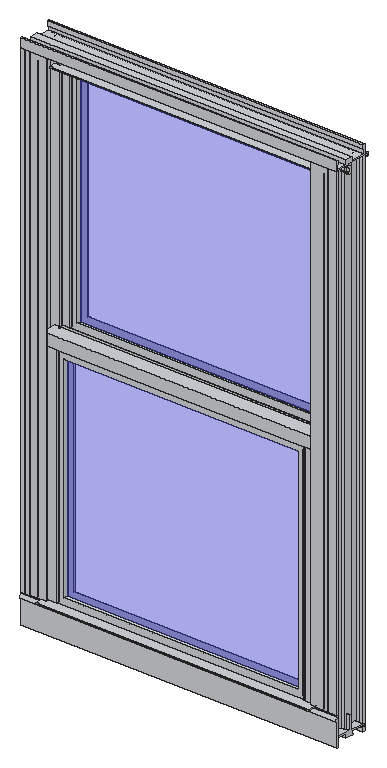
Revit family "4500_Double Hung", category Windows, host Wall, Revit 2023
Family settings
  Host = Wall
  OmniClass Number = 23.30.20.00
  OmniClass Title = Windows
  Always vertical = Yes
  Cut with Voids When Loaded = No
  Shared = No
  Room Calculation Point = No
Parameters
  Top Vent Width = Width - 0' 4 13/16"  # 2' - 7 3/16"
  Top Vent Opening [instance] = 0' - 0"
  Top Vent Height = (Height / 2) + 0' 0 1/4"  # 2' - 6 1/4"
  Height = 5' - 0"
  Glass Material = Glass
  Frame Material = none
  Depth From Exterior = 0' - 1"
  Default Sill Height = 3' - 0"
  Wall Closure = By host
  Width = 3' - 0"
  Bottom Vent Width = Width - 0' 4 13/16"  # 2' - 7 3/16"
  Bottom Vent Opening [instance] = 0' - 0"
  Bottom Vent Height = (Height / 2) - 0' 1 3/8"  # 2' - 4 5/8"
Reference planes (in)
  plane 1 "Center (Front/Back)": y = 0
  plane 2: z = 0
  plane 3 "Center (Left/Right)": x = 0
  plane 4 "Left": x = -18
  plane 5 "Right": x = 18
  plane 6 "Sill": z = 36
  plane 7 "Top": z = 96
  plane 8: y = 2
  plane 9: y = -2
  plane 10: y = 3
  plane 11: y = -2
  plane 12: y = 2
  plane 13: x = 18
  plane 14: x = 18
  plane 15: y = -2.01
  plane 16: y = -1.93
  plane 17: y = -1.825
  plane 18: y = -1.93
  plane 19: y = 1.92
  plane 20: y = 1.815
  plane 21: y = 1.92
  plane 22: y = 2
  plane 23: x = -15.097
  plane 24: x = -18
  plane 25: x = -17.507
  plane 26: x = -16.972
  plane 27: x = -16.972
  plane 28: x = 18
  plane 29: x = 16.972
  plane 30: x = 15.097
  plane 31: x = 16.972
  plane 32: x = 17.507
  plane 33: y = -0.04
  plane 34: y = 0.04
  plane 35: y = -0.04
  plane 36: x = -16.972
  plane 37: x = -15.097
  plane 38: x = 16.972
  plane 39: x = 15.097
  plane 40: y = 0.2885
  plane 41: y = 1.591
  plane 42: y = -2.15834
  plane 43: y = -1.815
  plane 44: y = 2.462
  plane 45: y = 0.213
  plane 46: y = -0.645
  plane 47: y = -1.92
  plane 48: y = -2
  plane 49: x = -16.972
  plane 50: x = -15.097
  plane 51: y = -1.92
  plane 52: y = -2
  plane 53: x = 15.097
  plane 54: x = 16.972
  plane 55: z = 94.972
  plane 56: z = 94.69075
  plane 57: z = 94.69075
  plane 58: z = 36.82512
  plane 59: z = 38.07512
  plane 60: z = 38.07512
  plane 61: y = 1.82625
  plane 62: y = -1.78125
  plane 63: y = -1.875
Forms (in)
  Sweep 1, solid
    path origin (0, 0, 0) x (1, 0, 0) y (0, 0, 1)
      loop
        line (18, 36) -> (-18, 36)
    profile origin (0, 0, 36) x (0, 0, -1) y (0, -1, 0)
      loop
        line (0, -2) -> (0, -1.815) -> (-0.434, -1.815) -> (-0.434, -1.848) -> (-0.69982, -1.848) -> (-0.84286, -0.213) -> (-0.434, -0.213) -> (-0.434, -0.338) -> (-0.39781, -0.338) -> (-0.39781, -0.133) -> (-0.434, -0.133) -> (-0.434, 0.645) -> (-0.91793, 0.645) -> (-1.02554, 1.875) -> (-0.434, 1.875) -> (-0.434, 1.815) -> (0, 1.815) -> (0, 2) -> (-2.86275, 2) -> (-2.82032, 2.15834) -> (-3.25535, 2) -> (-3.35032, 2) -> (-3.35032, 1.93) -> (-3.277, 1.93) -> (-3.277, 1.85) -> (-3.19719, 1.85) -> (-3.17219, 1.875) -> (-1.15102, 1.875) -> (-0.99048, 0.04) -> (-2.514, 0.04) -> (-2.514, -0.04) -> (-0.98348, -0.04) -> (-0.82512, -1.85) -> (-0.82512, -1.93) -> (-0.434, -1.93) -> (-0.434, -2) -> (0, -2)
  Sweep 2, solid
    path origin (0, 0, 0) x (1, 0, 0) y (0, 0, 1)
      loop
        line (18, 96) -> (-18, 96)
    profile origin (0, 0, 96) x (0, 0, -1) y (0, -1, 0)
      loop
        line (0, -2) -> (0.966, -2) -> (0.966, -2.462) -> (1.372, -2.462)
        arc (1.372, -2.462) -> (1.403, -2.431) -> (1.372, -2.4) r 0.031
        line (1.372, -2.4) -> (1.028, -2.4) -> (1.028, -1.85) -> (1.028, 0.372) -> (1.09, 0.372)
        arc (1.09, 0.372) -> (1.26678, 0.29878) -> (1.34, 0.122) r 0.25
        line (1.34, 0.122) -> (1.34, -0.04) -> (2.1131, -0.04) -> (2.1131, 0.12705)
        arc (2.1131, 0.12705) -> (2.0905, 0.19874) -> (2.03086, 0.24451) r 0.125
        line (2.03086, 0.24451) -> (1.9881, 0.26007) -> (2.0131, 0.16677) -> (2.0131, 0.102)
        arc (2.0131, 0.102) -> (1.99494, 0.05816) -> (1.9511, 0.04) r 0.062
        line (1.9511, 0.04) -> (1.42, 0.04) -> (1.42, 0.122)
        arc (1.42, 0.122) -> (1.32335, 0.35535) -> (1.09, 0.452) r 0.33
        line (1.09, 0.452) -> (1.028, 0.452) -> (1.028, 1.938) -> (1.09, 1.938) -> (1.09, 2) -> (0, 2) -> (0, 1.815) -> (0.434, 1.815) -> (0.434, 1.92) -> (0.948, 1.92) -> (0.948, 0.645) -> (0.493, 0.645) -> (0.493, -0.213) -> (0.948, -0.213) -> (0.948, -1.92) -> (0.434, -1.92) -> (0.434, -1.815) -> (0, -1.815) -> (0, -2)
  Sweep 3, solid
    path origin (0, 0, 0) x (0, 1, 0) y (0, 0, 1)
      loop
        line (0.30024, 94.972) -> (0.30024, 36.82512)
    profile origin (0, 0.30024, 65.89856) x (1, 0, 0) y (0, 1, 0)
      loop
        line (-15.097, 1.61976) -> (-17.052, 1.61976) -> (-17.052, -0.31508) -> (-17.507, -0.31508) -> (-17.507, -1.17308) -> (-17.052, -1.17308) -> (-17.052, -2.23024) -> (-16.972, -2.23024) -> (-16.972, 1.53976) -> (-16.355, 1.53976) -> (-16.355, 1.33726) -> (-16.355, 1.29076) -> (-16.3085, 1.29076) -> (-16.262, 1.29076) -> (-16.262, 1.33726) -> (-16.262, 1.53976) -> (-15.097, 1.53976) -> (-15.097, 1.61976)
  Sweep 4, solid
    path origin (0, 0, 0) x (0, 1, 0) y (0, 0, 1)
      loop
        line (1.96847, 36.434) -> (1.96847, 94.972)
    profile origin (0, 1.96847, 65.703) x (0, -1, 0) y (1, 0, 0)
      loop
        line (-0.03153, -18) -> (0.15347, -18) -> (0.15347, -17.566) -> (0.04847, -17.566) -> (0.04847, -16.972) -> (-0.03153, -16.972) -> (-0.03153, -18)
  Sweep 5, solid
    path origin (0, 0, 0) x (0, 1, 0) y (0, 0, 1)
      loop
        line (-1.90082, 94.91) -> (-1.90082, 39.35032)
    profile origin (0, -1.90082, 67.13016) x (1, 0, 0) y (0, 1, 0)
      loop
        line (-18, -0.10918) -> (-16.972, -0.10918) -> (-16.972, -0.02918) -> (-17.566, -0.02918) -> (-17.566, 0.07582) -> (-18, 0.07582) -> (-18, -0.10918)
  Sweep 6, solid
    path origin (0, -2.3174, 0) x (0, 1, 0) y (0, 0, 1)
      loop
        line (1.96874, 36.434) -> (1.96874, 94.972)
    profile origin (0, -0.34866, 65.703) x (0, -1, 0) y (1, 0, 0)
      loop
        line (-2.34866, 18) -> (-2.34866, 16.972) -> (-2.26866, 16.972) -> (-2.26866, 17.566) -> (-2.16366, 17.566) -> (-2.16366, 18) -> (-2.34866, 18)
  Sweep 7, solid
    path origin (0, -6.68587, 0) x (0, 1, 0) y (0, 0, 1)
      loop
        line (1.54185, 36.82512) -> (1.54185, 94.972)
    profile origin (0, -5.14401, 65.89856) x (0, -1, 0) y (1, 0, 0)
      loop
        line (-7.06401, 15.097) -> (-6.98401, 15.097) -> (-6.98401, 16.262) -> (-6.78151, 16.262) -> (-6.73501, 16.262) -> (-6.73501, 16.3085) -> (-6.73501, 16.355) -> (-6.78151, 16.355) -> (-6.98401, 16.355) -> (-6.98401, 16.972) -> (-3.21401, 16.972) -> (-3.21401, 17.052) -> (-4.92101, 17.052) -> (-4.92101, 17.507) -> (-5.77901, 17.507) -> (-5.77901, 17.052) -> (-7.06401, 17.052) -> (-7.06401, 15.097)
  Sweep 8, solid
    path origin (0, -0.62056, 0) x (0, 1, 0) y (0, 0, 1)
      loop
        line (-1.93722, 39.35032) -> (-1.93722, 94.91)
    profile origin (0, -2.55778, 67.13016) x (0, -1, 0) y (1, 0, 0)
      loop
        line (-0.54778, 18) -> (-0.73278, 18) -> (-0.73278, 17.566) -> (-0.62778, 17.566) -> (-0.62778, 16.972) -> (-0.54778, 16.972) -> (-0.54778, 18)
  Sweep 9, solid
    path origin (0, 0, 0) x (0, 1, 0) y (0, 0, 1)
      loop
        line (0.13466, 38.514) -> (0.13466, 93.8869)
    profile origin (0, 0.13466, 66.20045) x (0, -1, 0) y (1, 0, 0)
      loop
        line (0.09466, -16.972) -> (0.17466, -16.972) -> (0.17466, -16.355) -> (0.37666, -16.355) -> (0.42316, -16.355) -> (0.42316, -16.3085) -> (0.42316, -16.262) -> (0.37666, -16.262) -> (0.17466, -16.262) -> (0.17466, -15.097) -> (0.09466, -15.097) -> (0.09466, -16.262) -> (-0.10734, -16.262) -> (-0.15384, -16.262) -> (-0.15384, -16.3085) -> (-0.15384, -16.355) -> (-0.10734, -16.355) -> (0.09466, -16.355) -> (0.09466, -16.972)
  Sweep 10, solid
    path origin (0, -5.48254, 0) x (0, 1, 0) y (0, 0, 1)
      loop
        line (0.15261, 38.514) -> (0.15261, 93.8869)
    profile origin (0, -5.32993, 66.20045) x (0, -1, 0) y (1, 0, 0)
      loop
        line (-5.28993, 16.972) -> (-5.36993, 16.972) -> (-5.36993, 16.355) -> (-5.57193, 16.355) -> (-5.61843, 16.355) -> (-5.61843, 16.3085) -> (-5.61843, 16.262) -> (-5.57193, 16.262) -> (-5.36993, 16.262) -> (-5.36993, 15.097) -> (-5.28993, 15.097) -> (-5.28993, 16.262) -> (-5.08792, 16.262) -> (-5.04142, 16.262) -> (-5.04142, 16.3085) -> (-5.04142, 16.355) -> (-5.08792, 16.355) -> (-5.28993, 16.355) -> (-5.28993, 16.972)
  Sweep 11, solid
    path origin (0, 0, 0) x (0, 1, 0) y (0, 0, 1)
      loop
        line (-1.96116, 39.35032) -> (-1.96116, 94.91)
    profile origin (0, -1.96116, 67.13016) x (0, -1, 0) y (1, 0, 0)
      loop
        line (0.03884, -16.972) -> (0.03884, -15.097) -> (-0.04116, -15.097) -> (-0.04116, -16.262) -> (-0.24316, -16.262)
        arc (-0.24316, -16.262) -> (-0.28966, -16.3085) -> (-0.24316, -16.355) r 0.0465
        line (-0.24316, -16.355) -> (-0.04116, -16.355) -> (-0.04116, -16.972) -> (0.03884, -16.972)
  Sweep 12, solid
    path origin (0, 0, 0) x (0, 1, 0) y (0, 0, 1)
      loop
        line (-1.9684, 39.35032) -> (-1.9684, 94.91)
    profile origin (0, -1.9684, 67.13016) x (0, -1, 0) y (1, 0, 0)
      loop
        line (0.0316, 16.972) -> (-0.0484, 16.972) -> (-0.0484, 16.355) -> (-0.2504, 16.355)
        arc (-0.2504, 16.355) -> (-0.2969, 16.3085) -> (-0.2504, 16.262) r 0.0465
        line (-0.2504, 16.262) -> (-0.0484, 16.262) -> (-0.0484, 15.097) -> (0.0316, 15.097) -> (0.0316, 16.972)
Cuts and joins
  joined: Sweep 2, Sweep 4
Lines and regions (in)
  Opening 1
    outline origin (-60, -3, 0) x (1, 0, 0) y (0, 0, 1)
      loop
        line (42, 96) -> (42, 36) -> (78, 36) -> (78, 96) -> (42, 96)
Text (in)
  text "EXTERIOR" at (-58.6888, 50.90694, 0), in view "Ref. Level"
  text "INTERIOR" at (-58.6888, -37.76638, 0), in view "Ref. Level"
  text "Exterior" at (0, 43.65631, 123.19604), in view "Left"
  text "Exterior" at (0, 18.29385, 125.04747), in view "Right"
Dimensions and locks (in)
  equal spacing: plane 4 "Left", plane 3 "Center (Left/Right)", plane 5 "Right"
  "Height": plane 6 "Sill" to plane 7 "Top"
  "Default Sill Height": plane 2 to plane 6 "Sill"
  "Width": plane 4 "Left" to plane 5 "Right"
  locked: plane 8 to plane 9 at 4
  "Depth From Exterior": plane 10 to plane 8
  locked: plane 12 to plane 11 at 4
  locked: plane 24 to plane 26 at 1.028
  locked: plane 25 to plane 23 at 2.41
  plane 22 to plane 21 to plane 20 = 0' - 0.08" locked, 0' - 0.105" locked
  locked: plane 19 to plane 18 at 3.85
  plane 17 to plane 16 to plane 15 = 0' - 0.105" locked, 0' - 0.08" locked
  locked: plane 27 to plane 23 at 1.875
  locked: plane 29 to plane 28 at 1.028
  plane 30 to plane 31 to plane 32 = 0' - 1 7/8" locked, 0' - 0.535" locked
  locked: plane 22 to plane 33 at 2.04
  locked: plane 34 to plane 35 at 0.08
  locked: plane 36 to plane 37 at 1.875
  locked: plane 39 to plane 38 at 1.875
  locked: plane 41 to plane 40 at 1.3025
  locked: plane 40 to plane 34 at 0.2485
  locked: plane 22 to plane 42 at 4.15834
  locked: plane 43 to plane 11 at 0.185
  locked: plane 44 to plane 11 at 4.462
  locked: plane 20 to plane 45 at 1.602
  locked: plane 46 to plane 43 at 1.17
  locked: plane 47 to plane 48 at 0.08
  locked: plane 49 to plane 50 at 1.875
  locked: plane 52 to plane 51 at 0.08
  locked: plane 53 to plane 54 at 1.875
  locked: plane 55 to plane 56 at 0.28125
  "Top Vent Opening": plane 56 to plane 57
  locked: plane 59 to plane 58 at 1.25
  "Bottom Vent Opening": plane 60 to plane 59
  locked: plane 21 to plane 61 at 0.09375
  locked: plane 62 to plane 63 at 0.09375
  locked: plane 22 to plane 62 at 3.78125
  locked: plane 7 "Top" to plane 55 at 1.028
  locked: plane 58 to plane 6 "Sill" at 0.82512
  aligned and locked: plane 7 "Top" to Opening 1 sketch curve
  aligned and locked: plane 6 "Sill" to Opening 1 sketch curve  (x2)
  aligned and locked: plane 5 "Right" to Opening 1 sketch curve
  aligned and locked: plane 4 "Left" to Opening 1 sketch curve
  aligned and locked: level to plane 2
  aligned and locked: plane 4 "Left" to Sweep 1 sketch curve
  aligned and locked: plane 5 "Right" to Sweep 1 sketch curve
  aligned and locked: plane 6 "Sill" to Sweep 1 sketch curve
  aligned and locked: plane 8 to Sweep 1
  aligned and locked: plane 9 to Sweep 1
  aligned and locked: plane 10 to host wall
  aligned and locked: plane 5 "Right" to Sweep 2 sketch curve
  aligned and locked: plane 4 "Left" to Sweep 2 sketch curve
  aligned and locked: plane 7 "Top" to Sweep 2 sketch curve
  aligned and locked: plane 12 to Sweep 2
  aligned and locked: plane 11 to Sweep 2
  aligned and locked: plane 8 to plane 12
  aligned and locked: plane 14 to plane 13
  aligned and locked: plane 14 to plane 5 "Right"
  aligned and locked: Sweep 2 to Sweep 3 sketch curve
  aligned and locked: Sweep 2 to Sweep 4 sketch curve
  aligned and locked: Sweep 1 to Sweep 4 sketch curve
  aligned and locked: Sweep 3 sketch curve to Sweep 1
  aligned and locked: Sweep 1 to Sweep 5 sketch curve
  aligned and locked: Sweep 5 sketch curve to Sweep 2
  aligned and locked: plane 22 to Sweep 4
  aligned and locked: plane 21 to Sweep 4
  aligned and locked: plane 20 to Sweep 4
  aligned and locked: plane 19 to Sweep 3
  aligned and locked: plane 18 to Sweep 3
  aligned and locked: plane 17 to Sweep 5
  aligned and locked: plane 16 to Sweep 5
  aligned and locked: plane 15 to Sweep 5
  aligned and locked: plane 25 to Sweep 3
  aligned and locked: plane 23 to Sweep 3
  aligned and locked: plane 24 to Sweep 4
  aligned and locked: plane 26 to Sweep 4
  aligned and locked: Sweep 5 to plane 24
  aligned and locked: plane 26 to Sweep 5
  aligned and locked: plane 27 to Sweep 3
  aligned and locked: plane 24 to plane 4 "Left"
  aligned and locked: plane 27 to plane 26
  aligned and locked: plane 21 to plane 19
  aligned and locked: plane 16 to plane 18
  aligned and locked: Sweep 2 to Sweep 6 sketch curve
  aligned and locked: Sweep 6 sketch curve to Sweep 1
  aligned and locked: Sweep 2 to Sweep 7 sketch curve
  aligned and locked: Sweep 7 sketch curve to Sweep 1
  aligned and locked: Sweep 2 to Sweep 8 sketch curve
  aligned and locked: Sweep 8 sketch curve to Sweep 1
  aligned and locked: plane 29 to Sweep 6
  aligned and locked: plane 28 to Sweep 6
  aligned and locked: Sweep 8 to plane 29
  aligned and locked: plane 28 to Sweep 8
  aligned and locked: plane 30 to Sweep 7
  aligned and locked: plane 31 to Sweep 7
  aligned and locked: plane 32 to Sweep 7
  aligned and locked: plane 31 to plane 29
  aligned and locked: plane 22 to Sweep 6
  aligned and locked: Sweep 6 to plane 21
  aligned and locked: Sweep 6 to plane 20
  aligned and locked: plane 17 to Sweep 8
  aligned and locked: plane 18 to Sweep 8
  aligned and locked: Sweep 8 to plane 15
  aligned and locked: plane 21 to Sweep 7
  aligned and locked: Sweep 7 to plane 18
  aligned and locked: plane 14 to plane 28
  aligned and locked: plane 22 to plane 12
  aligned and locked: Sweep 9 sketch curve to Sweep 2
  aligned and locked: Sweep 1 to Sweep 9 sketch curve
  aligned and locked: plane 33 to Sweep 1
  aligned and locked: Sweep 9 to plane 36
  aligned and locked: Sweep 9 to plane 37
  aligned and locked: plane 35 to Sweep 9
  aligned and locked: plane 34 to Sweep 9  (x2)
  aligned and locked: plane 27 to plane 36
  aligned and locked: plane 33 to plane 35
  aligned and locked: Sweep 2 to Sweep 10 sketch curve
  aligned and locked: Sweep 10 sketch curve to Sweep 1
  aligned and locked: plane 39 to Sweep 10
  aligned and locked: plane 38 to Sweep 10
  aligned and locked: plane 38 to plane 31
  aligned and locked: Sweep 10 to plane 35
  aligned and locked: plane 16 to Sweep 3
  aligned and locked: plane 40 to Sweep 9
  aligned and locked: plane 40 to Sweep 10
  aligned and locked: plane 41 to Sweep 3
  aligned and locked: plane 41 to Sweep 7
  aligned and locked: plane 42 to Sweep 1
  aligned and locked: plane 43 to Sweep 1
  aligned and locked: plane 43 to Sweep 2
  aligned and locked: plane 44 to Sweep 2
  aligned and locked: Sweep 2 sketch curve to plane 11
  aligned and locked: plane 43 to Sweep 2 sketch curve
  aligned and locked: Sweep 2 sketch curve to plane 22
  aligned and locked: plane 20 to Sweep 2 sketch curve
  aligned and locked: plane 44 to Sweep 2 sketch curve
  aligned and locked: plane 45 to Sweep 1
  aligned and locked: plane 46 to Sweep 1
  aligned and locked: Sweep 1 sketch curve to plane 34
  aligned and locked: plane 35 to Sweep 1 sketch curve
  aligned and locked: Sweep 9 sketch curve to plane 27
  aligned and locked: Sweep 9 sketch curve to plane 23
  aligned and locked: Sweep 5 to Sweep 11 sketch curve  (x2)
  aligned and locked: plane 47 to Sweep 11
  aligned and locked: plane 48 to Sweep 11
  aligned and locked: plane 11 to plane 48
  aligned and locked: plane 49 to Sweep 11
  aligned and locked: plane 50 to Sweep 11
  aligned and locked: plane 27 to plane 49
  aligned and locked: Sweep 8 to Sweep 12 sketch curve  (x2)
  aligned and locked: plane 52 to Sweep 12
  aligned and locked: plane 51 to Sweep 12
  aligned and locked: plane 51 to Sweep 12 sketch curve  (x2)
  aligned and locked: Sweep 12 sketch curve to plane 52
  aligned and locked: plane 52 to plane 48
  aligned and locked: plane 53 to Sweep 12
  aligned and locked: plane 54 to Sweep 12
  aligned and locked: plane 38 to plane 54
  aligned and locked: plane 55 to Sweep 3
  aligned and locked: plane 58 to Sweep 1
  aligned and locked: plane 63 to Sweep 1
  aligned and locked: nested 1 to plane 60
  aligned and locked: plane 62 to nested 1
  aligned and locked: plane 57 to nested 2
  aligned and locked: nested 2 to plane 61
Automatic sketch dimensions
  Sweep 2 sketch curve to Sweep 2 sketch curve = 0' - 0"  (x2)
  Sweep 2 sketch curve to profile plane = 0' - 0"  (x2)
  Sweep 2 sketch curve to profile plane = 0' - 0.434"  (x2)
  Sweep 2 sketch curve to profile plane = 0' - 0.493"
  Sweep 2 sketch curve to Sweep 2 sketch curve = 0' - 0.514"  (x2)
  Sweep 2 sketch curve to Sweep 2 sketch curve = 0' - 0.018"  (x2)
  Sweep 2 sketch curve to Sweep 2 sketch curve = 0' - 0.08"  (x2)
  Sweep 2 sketch curve to Sweep 2 sketch curve = 0' - 0.062"  (x4)
  plane 1 "Center (Front/Back)" to Sweep 2 sketch curve = 0' - 0.122"
  Sweep 2 sketch curve to Sweep 2 sketch curve = 0' - 0 1/4"
  Sweep 2 sketch curve to Sweep 2 sketch curve = 0' - 0.344"
  plane 1 "Center (Front/Back)" to Sweep 2 sketch curve = 0' - 0.04"
  plane 1 "Center (Front/Back)" to Sweep 2 sketch curve = 0' - 0.102"
  Sweep 2 sketch curve to Sweep 2 sketch curve = 0' - 0.5311"
  plane 1 "Center (Front/Back)" to Sweep 2 sketch curve = 0' - 0.26007"
  Sweep 2 sketch curve to Sweep 2 sketch curve = 0' - 0.025"  (x2)
  plane 1 "Center (Front/Back)" to Sweep 2 sketch curve = 0' - 0.24451"
  Sweep 2 sketch curve to Sweep 2 sketch curve = 0' - 0.04275"
  Sweep 2 sketch curve to Sweep 2 sketch curve = 0' - 0.1"
  Sweep 2 sketch curve to plane 1 "Center (Front/Back)" = 0' - 0.04"
  Sweep 2 sketch curve to plane 1 "Center (Front/Back)" = 0' - 0.213"
  Sweep 2 sketch curve to Sweep 2 sketch curve = 0' - 0.035"
  Sweep 2 sketch curve to Sweep 2 sketch curve = 0' - 0.07"
  Sweep 2 sketch curve to Sweep 2 sketch curve = 0' - 0.031"
  Sweep 2 sketch curve to Sweep 2 sketch curve = 0' - 0.03972"
  Sweep 2 sketch curve to Sweep 2 sketch curve = 0' - 0.193"
  Sweep 3 sketch curve to plane 1 "Center (Front/Back)" = 0' - 0.30024"
  plane 8 to Sweep 4 sketch curve = 0' - 0.03153"
  profile plane to Sweep 4 sketch curve = 0' - 0.03153"
  Sweep 4 sketch curve to Sweep 4 sketch curve = 0' - 0.08"
  Sweep 4 sketch curve to Sweep 4 sketch curve = 0' - 0.185"
  Sweep 4 sketch curve to plane 3 "Center (Left/Right)" = 1' - 6"
  Sweep 4 sketch curve to Sweep 4 sketch curve = 0' - 0.434"
  Sweep 4 sketch curve to Sweep 4 sketch curve = 0' - 0.594"
  Sweep 5 sketch curve to plane 9 = 0' - 0.09918"
  profile plane to Sweep 5 sketch curve = 0' - 0.10918"
  Sweep 5 sketch curve to plane 3 "Center (Left/Right)" = 1' - 6"
  Sweep 5 sketch curve to Sweep 5 sketch curve = 0' - 0.434"
  Sweep 5 sketch curve to Sweep 5 sketch curve = 0' - 0.594"
  Sweep 5 sketch curve to Sweep 5 sketch curve = 0' - 0.08"
  Sweep 5 sketch curve to Sweep 5 sketch curve = 0' - 0.185"
  plane 8 to Sweep 6 sketch curve = 0' - 2.34866"
  Sweep 6 sketch curve to Sweep 6 sketch curve = 0' - 0.08"
  Sweep 6 sketch curve to Sweep 6 sketch curve = 0' - 0.185"
  plane 3 "Center (Left/Right)" to Sweep 6 sketch curve = 1' - 4.972"
  Sweep 6 sketch curve to Sweep 6 sketch curve = 0' - 0.594"
  Sweep 6 sketch curve to Sweep 6 sketch curve = 0' - 0.434"
  profile plane to Sweep 6 sketch curve = 0' - 2.34866"
  plane 8 to Sweep 7 sketch curve = 0' - 7.14401"
  plane 9 to Sweep 8 sketch curve = 0' - 0.55778"
  profile plane to Sweep 8 sketch curve = 0' - 0.73278"
  Sweep 8 sketch curve to Sweep 8 sketch curve = 0' - 0.105"
  Sweep 8 sketch curve to Sweep 8 sketch curve = 0' - 0.185"
  plane 3 "Center (Left/Right)" to Sweep 8 sketch curve = 1' - 4.972"
  Sweep 8 sketch curve to Sweep 8 sketch curve = 0' - 0.594"
  Sweep 8 sketch curve to Sweep 8 sketch curve = 0' - 0.434"
  Sweep 1 sketch curve to profile plane = 0' - 0"  (x2)
  profile plane to Sweep 1 sketch curve = 0' - 0.39781"
  Sweep 1 sketch curve to Sweep 1 sketch curve = 0' - 0.434"
  Sweep 1 sketch curve to Sweep 1 sketch curve = 0' - 0"  (x2)
  Sweep 1 sketch curve to Sweep 1 sketch curve = 0' - 0.03619"
  profile plane to Sweep 1 sketch curve = 0' - 0.434"
  Sweep 1 sketch curve to Sweep 1 sketch curve = 0' - 0.26582"
  Sweep 1 sketch curve to Sweep 1 sketch curve = 0' - 0.1253"
  Sweep 1 sketch curve to Sweep 1 sketch curve = 0' - 0.40886"
  Sweep 1 sketch curve to Sweep 1 sketch curve = 0' - 0.48393"
  Sweep 1 sketch curve to Sweep 1 sketch curve = 0' - 0 9/64"
  Sweep 1 sketch curve to Sweep 1 sketch curve = 0' - 0.59154"
  Sweep 1 sketch curve to Sweep 1 sketch curve = 0' - 1.53052"
  Sweep 1 sketch curve to Sweep 1 sketch curve = 0' - 1.79478"
  Sweep 1 sketch curve to Sweep 1 sketch curve = 0' - 0.04243"
  Sweep 1 sketch curve to Sweep 1 sketch curve = 0' - 0.30944"
  Sweep 1 sketch curve to Sweep 1 sketch curve = 0' - 0.025"  (x2)
  Sweep 1 sketch curve to Sweep 1 sketch curve = 0' - 0.08316"
  Sweep 1 sketch curve to Sweep 1 sketch curve = 0' - 0.07981"
  Sweep 1 sketch curve to Sweep 1 sketch curve = 0' - 0.07332"
  Sweep 1 sketch curve to plane 1 "Center (Front/Back)" = 0' - 0.133"
  Sweep 1 sketch curve to Sweep 1 sketch curve = 0' - 0.08"  (x2)
  Sweep 1 sketch curve to Sweep 1 sketch curve = 0' - 0 1/8"  (x2)
  Sweep 1 sketch curve to Sweep 1 sketch curve = 0' - 1.477"
  Sweep 1 sketch curve to Sweep 1 sketch curve = 0' - 0.033"
  Sweep 1 sketch curve to Sweep 1 sketch curve = 0' - 0.002"
  Sweep 1 sketch curve to Sweep 1 sketch curve = 0' - 0.082"
  Sweep 1 sketch curve to Sweep 1 sketch curve = 0' - 0.185"
  plane 1 "Center (Front/Back)" to Sweep 1 sketch curve = 0' - 0.645"
  Sweep 1 sketch curve to Sweep 1 sketch curve = 0' - 1.17"
  plane 1 "Center (Front/Back)" to Sweep 1 sketch curve = 0' - 1.85"
  Sweep 1 sketch curve to Sweep 1 sketch curve = 0' - 0.06"
  Sweep 1 sketch curve to Sweep 1 sketch curve = 0' - 0.07"
  Sweep 1 sketch curve to Sweep 1 sketch curve = 0' - 0.15834"
  Sweep 1 sketch curve to Sweep 1 sketch curve = 0' - 0.007"
  Sweep 1 sketch curve to Sweep 1 sketch curve = 0' - 0.12548"
  Sweep 9 sketch curve to plane 1 "Center (Front/Back)" = 0' - 0.13466"
  Sweep 10 sketch curve to plane 34 = 0' - 5.36993"
  profile plane to Sweep 9 sketch curve = 0' - 0.15384"
  Sweep 9 sketch curve to Sweep 9 sketch curve = 0' - 0.0465"  (x7)
  Sweep 9 sketch curve to profile plane = 0' - 0.09466"
  Sweep 9 sketch curve to Sweep 9 sketch curve = 0' - 0"  (x3)
  Sweep 9 sketch curve to Sweep 9 sketch curve = 0' - 0.08"  (x2)
  Sweep 9 sketch curve to Sweep 9 sketch curve = 0' - 0.202"
  Sweep 9 sketch curve to Sweep 9 sketch curve = 0' - 0.617"
  profile plane to Sweep 3 sketch curve = 0' - 1.17308"
  Sweep 3 sketch curve to plane 3 "Center (Left/Right)" = 1' - 5.507"
  Sweep 3 sketch curve to Sweep 3 sketch curve = 0' - 0.455"  (x2)
  Sweep 3 sketch curve to Sweep 3 sketch curve = 0' - 0.08"  (x2)
  Sweep 3 sketch curve to Sweep 3 sketch curve = 0' - 0.617"
  Sweep 3 sketch curve to Sweep 3 sketch curve = 0' - 1.165"
  Sweep 3 sketch curve to Sweep 3 sketch curve = 0' - 1.05716"
  profile plane to Sweep 3 sketch curve = 0' - 0.31508"
  Sweep 3 sketch curve to profile plane = 0' - 1.29076"
  Sweep 3 sketch curve to profile plane = 0' - 1.53976"
  Sweep 3 sketch curve to Sweep 3 sketch curve = 0' - 0.0465"  (x3)
  Sweep 3 sketch curve to Sweep 3 sketch curve = 0' - 0.093"
  Sweep 3 sketch curve to Sweep 3 sketch curve = 0' - 0"
  profile plane to Sweep 10 sketch curve = 0' - 5.61843"
  Sweep 10 sketch curve to Sweep 10 sketch curve = 0' - 0.0465"  (x6)
  Sweep 10 sketch curve to Sweep 10 sketch curve = 0' - 0.202"  (x3)
  Sweep 10 sketch curve to Sweep 10 sketch curve = 0' - 0.08"  (x2)
  plane 3 "Center (Left/Right)" to Sweep 10 sketch curve = 1' - 3.097"
  Sweep 10 sketch curve to Sweep 10 sketch curve = 0' - 1.165"
  Sweep 10 sketch curve to Sweep 10 sketch curve = 0' - 0"  (x3)
  Sweep 10 sketch curve to Sweep 10 sketch curve = 0' - 0.617"
  profile plane to Sweep 7 sketch curve = 0' - 7.06401"
  Sweep 7 sketch curve to Sweep 7 sketch curve = 0' - 0.08"  (x3)
  Sweep 7 sketch curve to Sweep 7 sketch curve = 0' - 0"  (x2)
  Sweep 7 sketch curve to Sweep 7 sketch curve = 0' - 0.2025"
  Sweep 7 sketch curve to Sweep 7 sketch curve = 0' - 1.205"
  Sweep 7 sketch curve to Sweep 7 sketch curve = 0' - 0.858"
  Sweep 7 sketch curve to Sweep 7 sketch curve = 0' - 1.707"
  plane 3 "Center (Left/Right)" to Sweep 7 sketch curve = 1' - 3.097"
  Sweep 7 sketch curve to Sweep 7 sketch curve = 0' - 1.165"
  Sweep 7 sketch curve to Sweep 7 sketch curve = 0' - 0.617"
  Sweep 7 sketch curve to Sweep 7 sketch curve = 0' - 0.455"
  Sweep 7 sketch curve to Sweep 7 sketch curve = 0' - 0.0465"  (x3)
  Sweep 11 sketch curve to plane 16 = 0' - 0.03116"
  profile plane to Sweep 11 sketch curve = 0' - 0.04116"
  Sweep 11 sketch curve to plane 3 "Center (Left/Right)" = 1' - 4.972"
  Sweep 11 sketch curve to Sweep 11 sketch curve = 0' - 0.08"
  Sweep 11 sketch curve to Sweep 11 sketch curve = 0' - 0.617"
  Sweep 11 sketch curve to Sweep 11 sketch curve = 0' - 0.202"
  Sweep 11 sketch curve to Sweep 11 sketch curve = 0' - 0.0465"
  Sweep 11 sketch curve to Sweep 11 sketch curve = 0' - 0"
  Sweep 11 sketch curve to Sweep 11 sketch curve = 0' - 1.165"
  Sweep 12 sketch curve to plane 9 = 0' - 0.0316"
  Sweep 12 sketch curve to Sweep 12 sketch curve = 0' - 0.202"
  Sweep 12 sketch curve to Sweep 12 sketch curve = 0' - 1.165"
  Sweep 12 sketch curve to Sweep 12 sketch curve = 0' - 0.0465"
  Sweep 12 sketch curve to Sweep 12 sketch curve = 0' - 0.617"
  plane 3 "Center (Left/Right)" to Sweep 12 sketch curve = 1' - 3.097"
Nested families (in)
  nested 1: "Bottom Vent" at (0, -3.03532, 29.00056), type "Bottom Vent"
    with Vent Width 2' - 7 3/16", Vent Height 2' - 4 5/8"
  nested 2: "Top Vent" at (0, -0.90503, 49.90183), type "Top Vent"
    with Vent Width 2' - 7 3/16", Vent Height 2' - 6 1/4"
Definition of nested family "Bottom Vent"
  Parameters (values of type "Bottom Vent")
    Vent Width = 3' - 0"
    Vent Height = 3' - 0"
    Vent Glass Material = none
    Vent Frame Material = none
    Default Elevation = 0' - 0"
  Reference planes (in)
    plane 1 "Center (Front/Back)": y = 0
    plane 2: z = 0
    plane 3 "Center (Left/Right)": x = 0
    plane 4: x = -18
    plane 5: x = 18
    plane 6: z = 37.69956
    plane 7: z = 1.69956
    plane 8: y = 2.90407
    plane 9: y = 1.25407
    plane 10: y = 1.25407
    plane 11: y = 3.09407
    plane 12: y = 2.90407
    plane 13: y = 1.25407
    plane 14: x = -16.527
    plane 15: x = -18
    plane 16: x = 18
    plane 17: x = 16.527
    plane 18: y = 2.90407
    plane 19: y = 1.25407
    plane 20: y = 2.86407
    plane 21: y = 2.80207
    plane 22: y = 2.86407
    plane 23: y = 1.79007
    plane 24: y = 1.79007
    plane 25: y = 1.41707
    plane 26: y = 2.79007
    plane 27: y = 1.79007
  Forms (in)
    Sweep 1, solid
      path origin (0, 0, 0) x (1, 0, 0) y (0, 0, 1)
        loop
          line (-18, 1.69956) -> (18, 1.69956)
      profile origin (0, 0, 1.69956) x (0, 0, 1) y (0, -1, 0)
        loop
          line (0, -2.90407) -> (1.375, -2.90407) -> (1.375, -0.16207)
          arc (1.375, -0.16207) -> (1.335, -0.12207) -> (1.295, -0.16207) r 0.04
          line (1.295, -0.16207) -> (1.295, -1.25407) -> (0, -1.25407) -> (0, -1.92307) -> (0.85, -1.92307) -> (0.85, -2.50807) -> (1.134, -2.50807) -> (1.134, -2.71928) -> (1.295, -2.71928) -> (1.295, -2.82407) -> (0.47074, -2.82407) -> (0.47074, -2.73407) -> (0, -2.73407) -> (0, -2.90407)
    Sweep 2, solid
      path origin (0, 0, 0) x (1, 0, 0) y (0, 0, 1)
        loop
          line (-18, 37.69956) -> (18, 37.69956)
      profile origin (0, 0, 37.69956) x (0, 0, 1) y (0, -1, 0)
        loop
          line (0, -1.25407) -> (-1.375, -1.25407) -> (-1.375, -2.86407) -> (-0.925, -2.86407) -> (-0.925, -3.01407) -> (-1.22349, -3.01407) -> (-1.26921, -3.0598) -> (-1.289, -3.09407) -> (-0.85, -3.09407) -> (-0.85, -2.29707) -> (-0.47, -2.29707) -> (-0.47, -2.90407) -> (0, -2.90407) -> (0, -1.25407)
    Sweep 3, solid
      path origin (0, 0, 0) x (0, 1, 0) y (0, 0, 1)
        loop
          line (1.96836, 36.32456) -> (1.96836, 3.07456)
      profile origin (0, 1.96836, 19.69956) x (1, 0, 0) y (0, 1, 0)
        loop
          line (-16.527, 0.93571) -> (-18, 0.93571) -> (-18, 0.78071) -> (-17.486, 0.78071) -> (-17.486, 0.87071) -> (-16.607, 0.87071) -> (-16.607, 0.82071) -> (-16.672, 0.82071) -> (-16.672, 0.77771) -> (-16.933, 0.77771) -> (-16.933, -0.55629) -> (-16.672, -0.55629) -> (-16.672, -0.59929) -> (-16.607, -0.59929) -> (-16.607, -0.64929) -> (-17.486, -0.64929) -> (-17.486, -0.55629) -> (-18, -0.55629) -> (-18, -0.71429) -> (-16.527, -0.71429) -> (-16.527, 0.93571)
    Sweep 4, solid
      path origin (0, 0, 0) x (0, 1, 0) y (0, 0, 1)
        loop
          line (2.10969, 3.07456) -> (2.10969, 36.32456)
      profile origin (0, 2.10969, 19.69956) x (0, -1, 0) y (1, 0, 0)
        loop
          line (0.85562, 16.527) -> (0.85562, 18) -> (0.70062, 18) -> (0.70062, 17.486) -> (0.79062, 17.486) -> (0.79062, 16.607) -> (0.74062, 16.607) -> (0.74062, 16.672) -> (0.70062, 16.672) -> (0.70062, 16.933) -> (-0.63638, 16.933) -> (-0.63638, 16.672) -> (-0.67938, 16.672) -> (-0.67938, 16.607) -> (-0.72938, 16.607) -> (-0.72938, 17.486) -> (-0.63638, 17.486) -> (-0.63638, 18) -> (-0.79438, 18) -> (-0.79438, 16.527) -> (0.85562, 16.527)
    Sweep 5, solid
      path origin (0, 0, 0) x (1, 0, 0) y (0, 0, 1)
        loop
          line (-16.527, 3.07456) -> (16.527, 3.07456) -> (16.527, 36.32456) -> (-16.527, 36.32456) -> (-16.527, 3.07456)
      profile origin (0, 0, 3.07456) x (0, 0, 1) y (0, -1, 0)
        loop
          line (0.75, -2.86407) -> (0.75, -2.80207) -> (0, -2.80207) -> (0, -2.86407) -> (0.75, -2.86407)
    Sweep 6, solid
      path origin (0, 0, 0) x (1, 0, 0) y (0, 0, 1)
        loop
          line (-16.527, 3.07456) -> (16.527, 3.07456) -> (16.527, 36.32456) -> (-16.527, 36.32456) -> (-16.527, 3.07456)
      profile origin (0, 0, 3.07456) x (0, 0, 1) y (0, -1, 0)
        loop
          line (0.75, -1.41707) -> (0, -1.41707) -> (0, -1.56035) -> (0.031, -1.56007)
          arc (0.031, -1.56007) -> (0.05292, -1.55099) -> (0.062, -1.52907) r 0.031
          line (0.062, -1.52907) -> (0.062, -1.47407) -> (0.3135, -1.47407) -> (0.3135, -1.79007) -> (0.75, -1.79007) -> (0.75, -1.41707)
    Sweep 7, solid, material <- "Vent Glass Material"
      path origin (0, 0, 0) x (0, 1, 0) y (0, 0, 1)
        loop
          line (2.29165, 36.32456) -> (2.29165, 3.07456)
      profile origin (0, 2.29165, 19.69956) x (1, 0, 0) y (0, 1, 0)
        loop
          line (-16.527, 0.49841) -> (-16.527, 0.24841) -> (16.527, 0.24841) -> (16.527, 0.49841) -> (-16.527, 0.49841)
        loop
          line (-16.527, -0.25159) -> (-16.527, -0.50159) -> (16.527, -0.50159) -> (16.527, -0.25159) -> (-16.527, -0.25159)
  Dimensions and locks (in)
    "Vent Height": plane 6 to plane 7
    "Vent Width": plane 5 to plane 4
    equal spacing: plane 5, plane 3 "Center (Left/Right)", plane 4
    locked: plane 8 to plane 9 at 1.65
    locked: plane 11 to plane 10 at 1.84
    locked: plane 15 to plane 14 at 1.473
    locked: plane 12 to plane 13 at 1.65
    locked: plane 17 to plane 16 at 1.473
    locked: plane 18 to plane 19 at 1.65
    locked: plane 20 to plane 21 at 0.062
    locked: plane 18 to plane 23 at 1.114
    locked: plane 24 to plane 25 at 0.373
    locked: plane 26 to plane 27 at 1
    aligned and locked: plane 2 to level
    aligned and locked: plane 4 to Sweep 1 sketch curve
    aligned and locked: plane 5 to Sweep 1 sketch curve
    aligned and locked: Sweep 1 sketch curve to plane 7
    aligned and locked: plane 8 to Sweep 1
    aligned and locked: plane 9 to Sweep 1
    aligned and locked: plane 4 to Sweep 2 sketch curve
    aligned and locked: plane 5 to Sweep 2 sketch curve
    aligned and locked: Sweep 2 sketch curve to plane 6
    aligned and locked: plane 10 to Sweep 2
    aligned and locked: plane 11 to Sweep 2
    aligned and locked: plane 10 to plane 9
    aligned and locked: Sweep 2 to Sweep 3 sketch curve
    aligned and locked: Sweep 1 to Sweep 3 sketch curve
    aligned and locked: plane 12 to Sweep 3
    aligned and locked: plane 13 to Sweep 3
    aligned and locked: plane 14 to Sweep 3
    aligned and locked: plane 15 to Sweep 3  (x2)
    aligned and locked: plane 13 to plane 10
    aligned and locked: plane 4 to plane 15
    aligned and locked: Sweep 2 to Sweep 4 sketch curve
    aligned and locked: Sweep 1 to Sweep 4 sketch curve
    aligned and locked: plane 18 to Sweep 4
    aligned and locked: plane 19 to Sweep 4
    aligned and locked: plane 17 to Sweep 4
    aligned and locked: plane 16 to Sweep 4  (x2)
    aligned and locked: plane 19 to plane 10
    aligned and locked: plane 5 to plane 16
    aligned and locked: Sweep 5 sketch curve to Sweep 1
    aligned and locked: plane 17 to Sweep 5 sketch curve
    aligned and locked: Sweep 5 sketch curve to Sweep 2
    aligned and locked: Sweep 5 sketch curve to plane 14
    aligned and locked: plane 20 to Sweep 5
    aligned and locked: plane 21 to Sweep 5
    aligned and locked: plane 22 to Sweep 2
    aligned and locked: plane 20 to plane 22
    aligned and locked: Sweep 5 to Sweep 6 sketch curve
    aligned and locked: plane 17 to Sweep 6 sketch curve
    aligned and locked: Sweep 6 sketch curve to plane 14
    aligned and locked: Sweep 6 sketch curve to Sweep 2
    aligned and locked: plane 24 to Sweep 6
    aligned and locked: plane 25 to Sweep 6
    aligned and locked: plane 23 to plane 24
    aligned and locked: Sweep 1 to Sweep 7 sketch curve
    aligned and locked: Sweep 2 to Sweep 7 sketch curve
    aligned and locked: Sweep 7 sketch curve to plane 14  (x2)
    aligned and locked: plane 17 to Sweep 7 sketch curve  (x2)
    aligned and locked: plane 26 to Sweep 7
    aligned and locked: plane 27 to Sweep 7
    aligned and locked: plane 24 to plane 27
  Automatic sketch dimensions
    profile plane to Sweep 1 sketch curve = 0' - 0"  (x2)
    Sweep 1 sketch curve to profile plane = 0' - 0.47074"
    Sweep 1 sketch curve to Sweep 1 sketch curve = 0' - 0.37926"
    Sweep 1 sketch curve to Sweep 1 sketch curve = 0' - 0.284"
    Sweep 1 sketch curve to Sweep 1 sketch curve = 0' - 0.161"
    Sweep 1 sketch curve to Sweep 1 sketch curve = 0' - 0.445"
    Sweep 1 sketch curve to Sweep 1 sketch curve = 0' - 0.04"
    Sweep 1 sketch curve to plane 1 "Center (Front/Back)" = 0' - 2.90407"
    Sweep 1 sketch curve to Sweep 1 sketch curve = 0' - 0.08"
    Sweep 1 sketch curve to Sweep 1 sketch curve = 0' - 0.09"
    Sweep 1 sketch curve to Sweep 1 sketch curve = 0' - 0.10479"
    Sweep 1 sketch curve to Sweep 1 sketch curve = 0' - 0.21121"
    Sweep 1 sketch curve to Sweep 1 sketch curve = 0' - 0.811"
    Sweep 1 sketch curve to Sweep 1 sketch curve = 0' - 0.669"
    Sweep 1 sketch curve to plane 1 "Center (Front/Back)" = 0' - 0.16207"
    profile plane to Sweep 2 sketch curve = 0' - 0"
    profile plane to Sweep 2 sketch curve = 0' - 0.47"
    Sweep 2 sketch curve to Sweep 2 sketch curve = 0' - 0.38"
    Sweep 2 sketch curve to Sweep 2 sketch curve = 0' - 0.075"
    Sweep 2 sketch curve to Sweep 2 sketch curve = 0' - 0.29849"
    Sweep 2 sketch curve to Sweep 2 sketch curve = 0' - 0.04573"  (x2)
    Sweep 2 sketch curve to Sweep 2 sketch curve = 0' - 0.01979"
    Sweep 2 sketch curve to Sweep 2 sketch curve = 0' - 0.525"
    Sweep 2 sketch curve to plane 1 "Center (Front/Back)" = 0' - 3.09407"
    Sweep 2 sketch curve to Sweep 2 sketch curve = 0' - 0.03427"
    Sweep 2 sketch curve to Sweep 2 sketch curve = 0' - 0.19"
    Sweep 2 sketch curve to Sweep 2 sketch curve = 0' - 0.15"
    Sweep 2 sketch curve to Sweep 2 sketch curve = 0' - 0.607"
    Sweep 2 sketch curve to Sweep 2 sketch curve = 0' - 1.043"
    Sweep 3 sketch curve to plane 9 = 0' - 0.71429"
    profile plane to Sweep 3 sketch curve = 0' - 0.71429"
    Sweep 3 sketch curve to plane 3 "Center (Left/Right)" = 1' - 6"
    Sweep 3 sketch curve to Sweep 3 sketch curve = 0' - 0"
    Sweep 3 sketch curve to Sweep 3 sketch curve = 0' - 0.514"  (x2)
    Sweep 3 sketch curve to Sweep 3 sketch curve = 0' - 0.553"
    Sweep 3 sketch curve to Sweep 3 sketch curve = 0' - 0.261"
    Sweep 3 sketch curve to Sweep 3 sketch curve = 0' - 0.065"  (x3)
    Sweep 3 sketch curve to Sweep 3 sketch curve = 0' - 0.05"
    Sweep 3 sketch curve to Sweep 3 sketch curve = 0' - 0.158"
    Sweep 3 sketch curve to Sweep 3 sketch curve = 0' - 0.043"  (x2)
    Sweep 3 sketch curve to Sweep 3 sketch curve = 0' - 1.334"
    Sweep 3 sketch curve to Sweep 3 sketch curve = 0' - 0.003"
    Sweep 3 sketch curve to Sweep 3 sketch curve = 0' - 0.09"
    Sweep 3 sketch curve to Sweep 3 sketch curve = 0' - 0.155"
    Sweep 3 sketch curve to Sweep 3 sketch curve = 0' - 0.08"  (x2)
    plane 8 to Sweep 4 sketch curve = 0' - 0.79438"
    profile plane to Sweep 4 sketch curve = 0' - 0.79438"
    Sweep 4 sketch curve to Sweep 4 sketch curve = 0' - 0.065"  (x3)
    Sweep 4 sketch curve to Sweep 4 sketch curve = 0' - 0.05"  (x2)
    Sweep 4 sketch curve to Sweep 4 sketch curve = 0' - 0.158"
    Sweep 4 sketch curve to Sweep 4 sketch curve = 0' - 0.043"
    Sweep 4 sketch curve to Sweep 4 sketch curve = 0' - 1.337"
    Sweep 4 sketch curve to Sweep 4 sketch curve = 0' - 0"
    Sweep 4 sketch curve to Sweep 4 sketch curve = 0' - 0.04"
    Sweep 4 sketch curve to Sweep 4 sketch curve = 0' - 0.155"
    plane 3 "Center (Left/Right)" to Sweep 4 sketch curve = 1' - 4.527"
    Sweep 4 sketch curve to Sweep 4 sketch curve = 0' - 0.08"  (x2)
    Sweep 4 sketch curve to Sweep 4 sketch curve = 0' - 0.261"
    Sweep 4 sketch curve to Sweep 4 sketch curve = 0' - 0.553"  (x2)
    Sweep 4 sketch curve to Sweep 4 sketch curve = 0' - 0.514"  (x2)
    Sweep 5 sketch curve to profile plane = 0' - 0"
    Sweep 5 sketch curve to Sweep 5 sketch curve = 0' - 0 3/4"
    Sweep 5 sketch curve to plane 1 "Center (Front/Back)" = 0' - 2.86407"
    Sweep 5 sketch curve to Sweep 5 sketch curve = 0' - 0.062"
    Sweep 6 sketch curve to profile plane = 0' - 0"
    Sweep 6 sketch curve to Sweep 6 sketch curve = 0' - 0.062"
    Sweep 6 sketch curve to Sweep 6 sketch curve = 0' - 0.2515"
    Sweep 6 sketch curve to Sweep 6 sketch curve = 0' - 0.4365"
    Sweep 6 sketch curve to plane 1 "Center (Front/Back)" = 0' - 1.79007"
    Sweep 6 sketch curve to Sweep 6 sketch curve = 0' - 0.316"
    Sweep 6 sketch curve to Sweep 6 sketch curve = 0' - 0.057"
    Sweep 6 sketch curve to Sweep 6 sketch curve = 0' - 0.031"  (x2)
    Sweep 6 sketch curve to Sweep 6 sketch curve = 0' - 0.08628"
    Sweep 6 sketch curve to Sweep 6 sketch curve = 0' - 0.03128"
    Sweep 7 sketch curve to plane 23 = 0' - 0.50159"
    Sweep 7 sketch curve to profile plane = 0' - 0.49841"
    Sweep 7 sketch curve to Sweep 7 sketch curve = 0' - 0 1/4"  (x2)
    Sweep 7 sketch curve to Sweep 7 sketch curve = 0' - 0 3/4"
Definition of nested family "Top Vent"
  Parameters (values of type "Top Vent")
    Vent Width = 3' - 0"
    Vent Height = 3' - 0"
    Vent Glass Material = none
    Vent Frame Material = none
    Default Elevation = 0' - 0"
  Reference planes (in)
    plane 1 "Center (Front/Back)": y = 0
    plane 2: z = 0
    plane 3 "Center (Left/Right)": x = 0
    plane 4: x = -18
    plane 5: x = 18
    plane 6: z = 44.78892
    plane 7: z = 8.78892
    plane 8: y = 2.73128
    plane 9: y = 0.86328
    plane 10: y = 1.08128
    plane 11: y = 2.73128
    plane 12: x = -18
    plane 13: x = -16.527
    plane 14: y = 2.73128
    plane 15: y = 1.08128
    plane 16: x = 18
    plane 17: x = 16.527
    plane 18: y = 2.73128
    plane 19: y = 1.08128
    plane 20: y = 2.69128
    plane 21: y = 2.69128
    plane 22: y = 2.62928
    plane 23: y = 1.50428
    plane 24: y = 1.50428
    plane 25: y = 1.13128
    plane 26: y = 2.50428
    plane 27: y = 1.50428
  Forms (in)
    Sweep 1, solid
      path origin (0, 0, 0) x (1, 0, 0) y (0, 0, 1)
        loop
          line (18, 8.78892) -> (-18, 8.78892)
      profile origin (0, 0, 8.78892) x (0, 0, -1) y (0, -1, 0)
        loop
          line (-2.25, -2.73128) -> (-0.875, -2.73128) -> (-0.875, -0.94328) -> (-0.12, -0.94328)
          arc (-0.12, -0.94328) -> (-0.09172, -0.95499) -> (-0.08, -0.98328) r 0.04
          line (-0.08, -0.98328) -> (-0.08, -1.54128)
          arc (-0.08, -1.54128) -> (-0.04, -1.58128) -> (0, -1.54128) r 0.04
          line (0, -1.54128) -> (0, -0.90328)
          arc (0, -0.90328) -> (-0.01172, -0.87499) -> (-0.04, -0.86328) r 0.04
          line (-0.04, -0.86328) -> (-1.319, -0.86328) -> (-1.28841, -0.89387) -> (-1.20283, -0.94328) -> (-0.955, -0.94328) -> (-0.955, -1.08128) -> (-1.345, -1.08128) -> (-1.345, -2.08228) -> (-1.715, -2.08228) -> (-1.715, -1.31928)
          arc (-1.715, -1.31928) -> (-1.73843, -1.26271) -> (-1.795, -1.23928) r 0.08
          line (-1.795, -1.23928) -> (-2.17, -1.23928) -> (-2.17, -1.16128) -> (-1.81132, -1.12094)
          arc (-1.81132, -1.12094) -> (-1.79509, -1.09943) -> (-1.815, -1.08128) r 0.02
          line (-1.815, -1.08128) -> (-2.25, -1.08128) -> (-2.25, -2.73128)
    Sweep 2, solid
      path origin (0, 0, 0) x (1, 0, 0) y (0, 0, 1)
        loop
          line (-18, 44.78892) -> (18, 44.78892)
      profile origin (0, 0, 44.78892) x (0, 0, 1) y (0, -1, 0)
        loop
          line (0, -2.73128) -> (0, -2.56128) -> (-0.47108, -2.56128) -> (-0.47108, -2.65128) -> (-1.295, -2.65128) -> (-1.295, -2.33454) -> (-0.85, -2.33454) -> (-0.85, -1.75028) -> (0, -1.75028) -> (0, -1.08128) -> (-1.295, -1.08128) -> (-1.295, 0.01072)
          arc (-1.295, 0.01072) -> (-1.335, 0.05072) -> (-1.375, 0.01072) r 0.04
          line (-1.375, 0.01072) -> (-1.375, -2.73128) -> (0, -2.73128)
    Sweep 3, solid
      path origin (0, 0, 0) x (0, 1, 0) y (0, 0, 1)
        loop
          line (1.77724, 11.03892) -> (1.77724, 43.41392)
      profile origin (0, 1.77724, 27.22642) x (0, -1, 0) y (1, 0, 0)
        loop
          line (-0.95404, -16.527) -> (-0.95404, -18) -> (-0.79904, -18) -> (-0.79904, -17.486) -> (-0.88904, -17.486) -> (-0.88904, -16.607) -> (-0.83904, -16.607) -> (-0.83904, -16.672) -> (-0.79604, -16.672) -> (-0.79604, -16.933) -> (0.53796, -16.933) -> (0.53796, -16.672) -> (0.58096, -16.672) -> (0.58096, -16.607) -> (0.63096, -16.607) -> (0.63096, -17.486) -> (0.54096, -17.486) -> (0.54096, -18) -> (0.69596, -18) -> (0.69596, -16.527) -> (-0.95404, -16.527)
    Sweep 4, solid
      path origin (0, 0, 0) x (0, 1, 0) y (0, 0, 1)
        loop
          line (2.01622, 43.41392) -> (2.01622, 11.03892)
      profile origin (0, 2.01622, 27.22642) x (1, 0, 0) y (0, 1, 0)
        loop
          line (16.527, -0.93494) -> (18, -0.93494) -> (18, -0.77994) -> (17.486, -0.77994) -> (17.486, -0.86994) -> (16.607, -0.86994) -> (16.607, -0.81994) -> (16.672, -0.81994) -> (16.672, -0.77694) -> (16.933, -0.77694) -> (16.933, 0.55706) -> (16.672, 0.55706) -> (16.672, 0.60006) -> (16.607, 0.60006) -> (16.607, 0.65006) -> (17.486, 0.65006) -> (17.486, 0.56006) -> (18, 0.56006) -> (18, 0.71506) -> (16.527, 0.71506) -> (16.527, -0.93494)
    Sweep 5, solid
      path origin (0, 0, 0) x (1, 0, 0) y (0, 0, 1)
        loop
          line (-16.527, 11.03892) -> (16.527, 11.03892) -> (16.527, 43.41392) -> (-16.527, 43.41392) -> (-16.527, 11.03892)
      profile origin (0, 0, 11.03892) x (0, 0, 1) y (0, -1, 0)
        loop
          line (0.75, -2.69128) -> (0.75, -2.62928) -> (0, -2.62928) -> (0, -2.69128) -> (0.75, -2.69128)
    Sweep 6, solid
      path origin (0, 0, 0) x (1, 0, 0) y (0, 0, 1)
        loop
          line (-16.527, 11.03892) -> (16.527, 11.03892) -> (16.527, 43.41392) -> (-16.527, 43.41392) -> (-16.527, 11.03892)
      profile origin (0, 0, 11.03892) x (0, 0, 1) y (0, -1, 0)
        loop
          line (0.75, -1.13128) -> (0, -1.13128) -> (0, -1.27456) -> (0.031, -1.27428)
          arc (0.031, -1.27428) -> (0.05292, -1.2652) -> (0.062, -1.24328) r 0.031
          line (0.062, -1.24328) -> (0.062, -1.18828) -> (0.3135, -1.18828) -> (0.3135, -1.50428) -> (0.75, -1.50428) -> (0.75, -1.13128)
    Sweep 7, solid, material <- "Vent Glass Material"
      path origin (0, 0, 0) x (0, 1, 0) y (0, 0, 1)
        loop
          line (1.90744, 11.03892) -> (1.90744, 43.41392)
      profile origin (0, 1.90744, 27.22642) x (0, -1, 0) y (1, 0, 0)
        loop
          line (-0.59684, -16.527) -> (-0.34684, -16.527) -> (-0.34684, 16.527) -> (-0.59684, 16.527) -> (-0.59684, -16.527)
        loop
          line (0.15316, -16.527) -> (0.40316, -16.527) -> (0.40316, 16.527) -> (0.15316, 16.527) -> (0.15316, -16.527)
  Dimensions and locks (in)
    "Vent Width": plane 5 to plane 4
    "Vent Height": plane 6 to plane 7
    equal spacing: plane 5, plane 3 "Center (Left/Right)", plane 4
    locked: plane 8 to plane 9 at 1.868
    locked: plane 11 to plane 10 at 1.65
    locked: plane 12 to plane 13 at 1.473
    locked: plane 14 to plane 15 at 1.65
    locked: plane 17 to plane 16 at 1.473
    locked: plane 18 to plane 19 at 1.65
    locked: plane 18 to plane 20 at 0.04
    locked: plane 21 to plane 22 at 0.062
    locked: plane 18 to plane 23 at 1.227
    locked: plane 24 to plane 25 at 0.373
    locked: plane 26 to plane 27 at 1
    aligned and locked: plane 2 to level
    aligned and locked: plane 5 to Sweep 1 sketch curve
    aligned and locked: plane 4 to Sweep 1 sketch curve
    aligned and locked: plane 7 to Sweep 1 sketch curve
    aligned and locked: plane 8 to Sweep 1
    aligned and locked: plane 9 to Sweep 1
    aligned and locked: plane 4 to Sweep 2 sketch curve
    aligned and locked: plane 5 to Sweep 2 sketch curve
    aligned and locked: Sweep 2 sketch curve to plane 6
    aligned and locked: plane 11 to Sweep 2
    aligned and locked: plane 10 to Sweep 2
    aligned and locked: plane 11 to plane 8
    aligned and locked: Sweep 2 to Sweep 3 sketch curve
    aligned and locked: Sweep 1 to Sweep 3 sketch curve
    aligned and locked: plane 14 to Sweep 3
    aligned and locked: plane 15 to Sweep 3
    aligned and locked: plane 13 to Sweep 3
    aligned and locked: plane 12 to Sweep 3  (x2)
    aligned and locked: plane 4 to plane 12
    aligned and locked: plane 14 to plane 11
    aligned and locked: Sweep 1 to Sweep 4 sketch curve
    aligned and locked: Sweep 2 to Sweep 4 sketch curve
    aligned and locked: plane 18 to Sweep 4
    aligned and locked: plane 19 to Sweep 4
    aligned and locked: plane 17 to Sweep 4
    aligned and locked: plane 16 to Sweep 4  (x2)
    aligned and locked: plane 5 to plane 16
    aligned and locked: plane 18 to plane 11
    aligned and locked: Sweep 5 sketch curve to Sweep 1
    aligned and locked: Sweep 5 sketch curve to plane 13
    aligned and locked: plane 17 to Sweep 5 sketch curve
    aligned and locked: Sweep 5 sketch curve to Sweep 2
    aligned and locked: plane 21 to Sweep 5
    aligned and locked: plane 22 to Sweep 5
    aligned and locked: plane 20 to plane 21
    aligned and locked: Sweep 6 sketch curve to Sweep 1
    aligned and locked: Sweep 6 sketch curve to plane 13
    aligned and locked: plane 17 to Sweep 6 sketch curve
    aligned and locked: Sweep 6 sketch curve to Sweep 5
    aligned and locked: plane 24 to Sweep 6
    aligned and locked: plane 25 to Sweep 6
    aligned and locked: plane 23 to plane 24
    aligned and locked: Sweep 2 to Sweep 7 sketch curve
    aligned and locked: Sweep 1 to Sweep 7 sketch curve
    aligned and locked: Sweep 7 sketch curve to plane 13  (x2)
    aligned and locked: plane 17 to Sweep 7 sketch curve  (x2)
    aligned and locked: plane 26 to Sweep 7
    aligned and locked: plane 27 to Sweep 7
    aligned and locked: plane 24 to plane 27
  Automatic sketch dimensions
    profile plane to Sweep 1 sketch curve = 0' - 2.17"
    Sweep 1 sketch curve to Sweep 1 sketch curve = 0' - 0.355"
    Sweep 1 sketch curve to Sweep 1 sketch curve = 0' - 0.00368"
    Sweep 1 sketch curve to Sweep 1 sketch curve = 0' - 0.01632"
    Sweep 1 sketch curve to Sweep 1 sketch curve = 0' - 0.08"  (x3)
    Sweep 1 sketch curve to Sweep 1 sketch curve = 0' - 0.37"
    Sweep 1 sketch curve to Sweep 1 sketch curve = 0' - 0.026"
    Sweep 1 sketch curve to Sweep 1 sketch curve = 0' - 0.03059"  (x2)
    Sweep 1 sketch curve to Sweep 1 sketch curve = 0' - 0.08558"
    Sweep 1 sketch curve to Sweep 1 sketch curve = 0' - 0.24783"
    Sweep 1 sketch curve to Sweep 1 sketch curve = 0' - 0.755"
    Sweep 1 sketch curve to Sweep 1 sketch curve = 0' - 0.04"  (x3)
    Sweep 1 sketch curve to plane 1 "Center (Front/Back)" = 0' - 2.73128"
    Sweep 1 sketch curve to Sweep 1 sketch curve = 0' - 0.649"
    Sweep 1 sketch curve to Sweep 1 sketch curve = 0' - 0.541"
    Sweep 1 sketch curve to Sweep 1 sketch curve = 0' - 0.763"
    Sweep 1 sketch curve to Sweep 1 sketch curve = 0' - 0.078"
    Sweep 1 sketch curve to Sweep 1 sketch curve = 0' - 0.11834"
    Sweep 1 sketch curve to Sweep 1 sketch curve = 0' - 0.01966"
    Sweep 1 sketch curve to Sweep 1 sketch curve = 0' - 0.238"
    Sweep 1 sketch curve to Sweep 1 sketch curve = 0' - 0.558"
    Sweep 1 sketch curve to Sweep 1 sketch curve = 0' - 0.138"
    Sweep 1 sketch curve to Sweep 1 sketch curve = 0' - 0.535"
    profile plane to Sweep 2 sketch curve = 0' - 1 3/8"
    Sweep 2 sketch curve to Sweep 2 sketch curve = 0' - 0.04"
    Sweep 2 sketch curve to Sweep 2 sketch curve = 0' - 0.08"  (x2)
    Sweep 2 sketch curve to Sweep 2 sketch curve = 0' - 0.445"
    Sweep 2 sketch curve to Sweep 2 sketch curve = 0' - 0 97/256"
    Sweep 2 sketch curve to Sweep 2 sketch curve = 0' - 0.47108"
    Sweep 2 sketch curve to Sweep 2 sketch curve = 0' - 0.85"
    Sweep 2 sketch curve to plane 1 "Center (Front/Back)" = 0' - 2.73128"
    Sweep 2 sketch curve to Sweep 2 sketch curve = 0' - 0.17"
    Sweep 2 sketch curve to Sweep 2 sketch curve = 0' - 0.31673"
    Sweep 2 sketch curve to Sweep 2 sketch curve = 0' - 1.48"
    Sweep 2 sketch curve to Sweep 2 sketch curve = 0' - 1.092"
    Sweep 2 sketch curve to Sweep 2 sketch curve = 0' - 0.58427"
    Sweep 3 sketch curve to plane 10 = 0' - 0.69596"
    profile plane to Sweep 3 sketch curve = 0' - 0.95404"
    Sweep 3 sketch curve to Sweep 3 sketch curve = 0' - 0.065"  (x3)
    Sweep 3 sketch curve to Sweep 3 sketch curve = 0' - 0.05"
    Sweep 3 sketch curve to Sweep 3 sketch curve = 0' - 0.09"  (x2)
    Sweep 3 sketch curve to Sweep 3 sketch curve = 0' - 0.043"  (x2)
    Sweep 3 sketch curve to Sweep 3 sketch curve = 0' - 1.334"
    Sweep 3 sketch curve to Sweep 3 sketch curve = 0' - 0.003"
    Sweep 3 sketch curve to Sweep 3 sketch curve = 0' - 0.155"
    Sweep 3 sketch curve to plane 3 "Center (Left/Right)" = 1' - 6"
    Sweep 3 sketch curve to Sweep 3 sketch curve = 0' - 0"
    Sweep 3 sketch curve to Sweep 3 sketch curve = 0' - 0.514"  (x2)
    Sweep 3 sketch curve to Sweep 3 sketch curve = 0' - 0.553"
    Sweep 3 sketch curve to Sweep 3 sketch curve = 0' - 0.261"
    Sweep 3 sketch curve to Sweep 3 sketch curve = 0' - 0.08"  (x2)
    plane 8 to Sweep 4 sketch curve = 0' - 0.71506"
    plane 3 "Center (Left/Right)" to Sweep 4 sketch curve = 1' - 4.527"
    Sweep 4 sketch curve to Sweep 4 sketch curve = 0' - 0.08"  (x2)
    Sweep 4 sketch curve to Sweep 4 sketch curve = 0' - 0.065"  (x4)
    Sweep 4 sketch curve to Sweep 4 sketch curve = 0' - 0.261"
    Sweep 4 sketch curve to Sweep 4 sketch curve = 0' - 0.553"  (x2)
    Sweep 4 sketch curve to Sweep 4 sketch curve = 0' - 0.514"  (x2)
    profile plane to Sweep 4 sketch curve = 0' - 0.93494"
    Sweep 4 sketch curve to Sweep 4 sketch curve = 0' - 0.05"
    Sweep 4 sketch curve to Sweep 4 sketch curve = 0' - 0.09"  (x2)
    Sweep 4 sketch curve to Sweep 4 sketch curve = 0' - 0.043"  (x2)
    Sweep 4 sketch curve to Sweep 4 sketch curve = 0' - 1.334"
    Sweep 4 sketch curve to Sweep 4 sketch curve = 0' - 0.003"
    Sweep 5 sketch curve to profile plane = 0' - 0"
    Sweep 5 sketch curve to Sweep 5 sketch curve = 0' - 0 3/4"
    Sweep 5 sketch curve to plane 1 "Center (Front/Back)" = 0' - 2.69128"
    Sweep 5 sketch curve to Sweep 5 sketch curve = 0' - 0.062"
    Sweep 6 sketch curve to profile plane = 0' - 0"
    Sweep 6 sketch curve to Sweep 6 sketch curve = 0' - 0.062"
    Sweep 6 sketch curve to Sweep 6 sketch curve = 0' - 0.2515"
    Sweep 6 sketch curve to Sweep 6 sketch curve = 0' - 0.4365"
    Sweep 6 sketch curve to plane 1 "Center (Front/Back)" = 0' - 1.50428"
    Sweep 6 sketch curve to Sweep 6 sketch curve = 0' - 0.316"
    Sweep 6 sketch curve to Sweep 6 sketch curve = 0' - 0.057"
    Sweep 6 sketch curve to Sweep 6 sketch curve = 0' - 0.031"  (x2)
    Sweep 6 sketch curve to Sweep 6 sketch curve = 0' - 0.08628"
    Sweep 6 sketch curve to Sweep 6 sketch curve = 0' - 0.03128"
    Sweep 7 sketch curve to plane 23 = 0' - 0.40316"
    profile plane to Sweep 7 sketch curve = 0' - 0.59684"
    Sweep 7 sketch curve to Sweep 7 sketch curve = 0' - 0 1/4"  (x2)
    Sweep 7 sketch curve to Sweep 7 sketch curve = 0' - 0 3/4"
